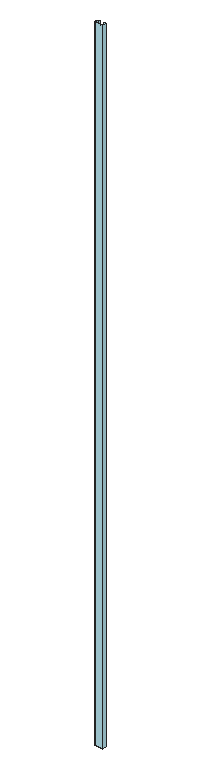
Revit family "AS-50×23×10×1.6（折曲加工）", category 機械設備, Revit 2020
Family settings
  丸型コネクタ寸法 = 直径を使用
  種別 = なし
  パーツ タイプ = 標準
  作業面ベース = いいえ
  常に垂直 = はい
  ロード時にボイドで切り取り = いいえ
  共有 = いいえ
  部屋計算ポイント = いいえ
Parameters
  製造元 = "株式会社桐井製作所"
  既定の高さ = 0 mm
  URL = "https://www.kirii.co.jp/"
  K_長さ(mm) [instance] = 4000 mm
  K_外形寸法(mm) = "50×23×10×1.6"
  K_品名 = "リップ付チャンネルAS-50×23×10×1.6(折曲加工)"
  K_名称 = "斜め部材(ブレース材)"
  K_バージョン情報 = "20211216"
Reference planes
  plane 1 "中心(正面/背面)": y = 0
  plane 2: z = 0
  plane 3 "中心(左/右)": x = 0
  plane 4: x = 25
  plane 5: x = -25
  plane 6: z = 4000
  plane 7: y = 23
Forms (mm)
  Extrusion 1, solid
    sketch origin (27.5, 1, 0) x (1, 0, 0) y (0, 1, 0)
      loop
        line (-52.5, 22) -> (-52.5, -1) -> (-2.5, -1) -> (-2.5, 22) -> (-12.5, 22) -> (-12.5, 20.4) -> (-4.1, 20.4) -> (-4.1, 0.6) -> (-50.9, 0.6) -> (-50.9, 20.4) -> (-42.5, 20.4) -> (-42.5, 22) -> (-52.5, 22)
    from 0 to 4000
Dimensions and locks
  "K_長さ(mm)": plane 6 to plane 2
  aligned and locked: level to plane 2
  aligned and locked: plane 6 to Extrusion 1
Automatic sketch dimensions
  Extrusion 1 sketch curve to plane 5 = 0 mm
  plane 1 "中心(正面/背面)" to Extrusion 1 sketch curve = 0 mm
  plane 7 to Extrusion 1 sketch curve = 0 mm  (x2)
  Extrusion 1 sketch curve to plane 4 = 0 mm
  Extrusion 1 sketch curve to Extrusion 1 sketch curve = 1.6 mm
  Extrusion 1 sketch curve to Extrusion 1 sketch curve = 8.4 mm
  Extrusion 1 sketch curve to plane 4 = 10 mm
  Extrusion 1 sketch curve to plane 4 = 1.6 mm
  Extrusion 1 sketch curve to plane 1 "中心(正面/背面)" = 1.6 mm
  plane 7 to Extrusion 1 sketch curve = 1.6 mm  (x2)
